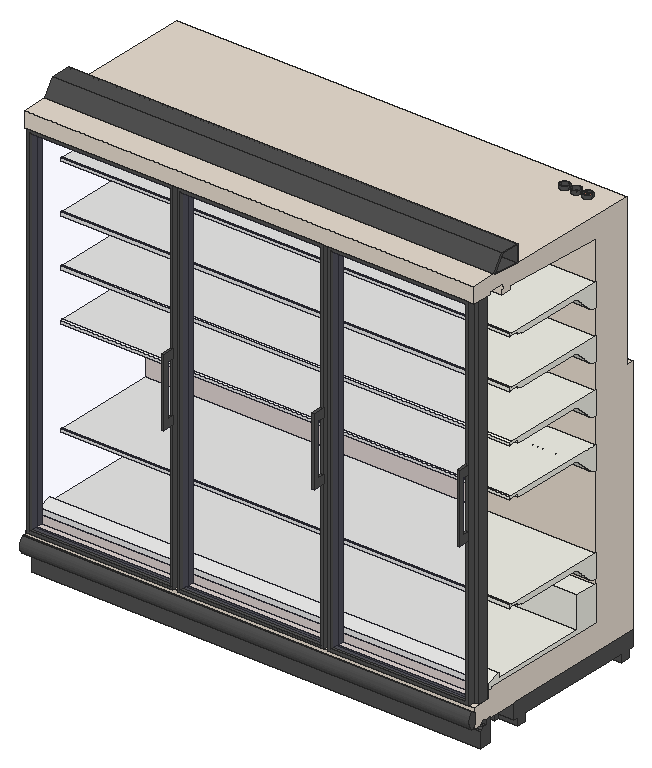
Revit family
Parameters (values of type "RLT-4")
  Voltage - Electric Defrost [instance] = 208 V
  Voltage [instance] = 120 V
  URL = "www.hussmann.com"
  Temp Sensor = "Temp Sensor"
  System Control [instance] = "0.10A"
  Standard Right End Cap On/Off [instance] = no
  Standard Left End Cap On/Off [instance] = no
  Revit Family Dates = "12/18/13(08/13)PMA"
  Refrig. Suction [instance] = "Suction"
  Refrig. Liquid = "Liquid"
  Ref. Sys. Control [instance] = 0.1 A
  R.I. RH Doors YES/NO [instance] = no
  R.I. LH Doors YES/NO [instance] = yes
  R.I. - RH Door Swing YES/NO [instance] = no
  R.I. - LH Door Swing YES/NO [instance] = yes
  Phase [instance] = 1
  Model = "RLT-3"
  Manufacturer = "HUSSMANN CORP"
  Glass [instance] = Glass
  Frequency [instance] = 60 Hz
  Elect. Defrost Amps [instance] = "11.50A"
  Elect. Def.-2 Yes/No [instance] = no
  Elect. Def. Yes/No [instance] = yes
  Elect. Def. Amps [instance] = 11.5 A
  EMS (Controller)-2 YES/NO [instance] = no
  EMS (Controller) YES/NO [instance] = yes
  Drain Heaters [instance] = 2.6 A
  Description = "3-Door Reach-in Low Temp Case"
  Copper-Suction [instance] = Copper
  Copper-Liquid [instance] = Copper
  Controls-2 YES/NO [instance] = no
  Controls Yes/No [instance] = yes
  Controller (EMS) [instance] = 0.1 A
  Condensate Drain Connection [instance] = "1 1/4\" Dia"
  Color - Toe Kick [instance] = Shadow Black
  Color - Shelves [instance] = Interior White
  Color - Light [instance] = Light
  Color - Legs [instance] = Shadow Black
  Color - Interior [instance] = Interior White
  Color - Bumper Rail [instance] = Shadow Black
  Color - Body [instance] = Mystic Gray
  Color [instance] = Shadow Black
  Case Lights-2 YES/NO [instance] = no
  Case Lights YES/NO [instance] = yes
  Case Lights Amps [instance] = "0.54A"
  Case Lights [instance] = 0.54 A
  Case KG Sup Htrs. [instance] = "3.80A"
  Case KG Sup Htrs-2 YES/NO [instance] = no
  Case KG Sup Htrs YES/NO [instance] = yes
  Case KG Sup Htrs [instance] = 3.8 A
  Case Fans-MCA [instance] = 7.2 A
  Case Fans-2 YES/NO [instance] = no
  Case Fans YES/NO [instance] = yes
  Case Fans (MCA) [instance] = "7.20A"
  Case Drain Htrs-2 YES/NO [instance] = no
  Case Drain Htrs YES/NO [instance] = yes
  Case Drain Htrs [instance] = "2.60A"
  5-Shelves On/Off [instance] = yes
  4-Shelves On/Off [instance] = no
  3-Shelves On/Off [instance] = no
  2-Shelves On/Off [instance] = no
  1-Shelves On/Off [instance] = no
Reference planes (in)
  plane 1 "Center (Front/Back)": y = 0
  plane 2: z = 0
  plane 3 "Center (Left/Right)": x = 0
  plane 4: x = 62
  plane 5: y = -42.125
  plane 6: z = 4.75
  plane 7: x = 31
  plane 8: x = 30.5
  plane 9: x = 31.5
  plane 10: x = 0.5
  plane 11: x = 61.5
  plane 12: z = 82.75017
  plane 13: z = 8.25017
  plane 14: x = 30
  plane 15: x = 32
  plane 16: x = 1
  plane 17: x = 61
  plane 18: z = 8.75017
  plane 19: z = 82.25017
  plane 20: y = -40.875
  plane 21: y = -39
  plane 22: y = -43.16337
  plane 23: z = 89.00011
  plane 24: z = 86.00442
  plane 25: x = 92.5
  plane 26: x = 91.87738
  plane 27: x = 91.37738
  plane 28: x = 90.87738
  plane 29: x = -92.5
  plane 30: x = 92.5
  plane 31: x = 46.25
Forms (in)
  Extrusion 1, solid, material "Mystic Gray" <- "Color - Body"
    sketch origin (0, 0, 0) x (0, 1, 0) y (0, 0, 1)
      loop
        line (-40.6, 8.25017) -> (-40.6, 4.265) -> (-39.3376, 4.265) -> (-38.7126, 5.34753) -> (-37.67764, 4.75) -> (0, 4.75) -> (0, 54.406) -> (-1.626, 54.406) -> (-1.626, 85.375) -> (-29.626, 85.375) -> (-35.7178, 86.00442) -> (-40.87784, 86.00442) -> (-40.87784, 82.75442) -> (-36.90797, 82.75442) -> (-36.90797, 83.34417) -> (-33.56579, 83.34417) -> (-33.65569, 81.38621) -> (-31.65779, 81.29448) -> (-31.6237, 82.03699) -> (-9.64685, 81.02795) -> (-9.64685, 10.27795) -> (-36.64685, 10.27795) -> (-36.64685, 9.94983) -> (-36.98797, 9.94983) -> (-36.98797, 8.25017) -> (-40.6, 8.25017)
    from 0 to 92.5
  Extrusion 2, solid, material "Shadow Black" <- "Color - Legs"
    sketch origin (0, 0, 0) x (1, 0, 0) y (0, 1, 0)
      loop
        line (4, -36.707) -> (10, -36.707) -> (10, -35.86) -> (9, -35.86) -> (9, -30.528) -> (10, -30.528) -> (10, -29.778) -> (4, -29.778) -> (4, -30.528) -> (5, -30.528) -> (5, -35.86) -> (4, -35.86) -> (4, -36.707)
      loop
        line (82.4375, -36.707) -> (88.4375, -36.707) -> (88.4375, -35.86) -> (87.4375, -35.86) -> (87.4375, -30.528) -> (88.4375, -30.528) -> (88.4375, -29.778) -> (82.4375, -29.778) -> (82.4375, -30.528) -> (83.4375, -30.528) -> (83.4375, -35.86) -> (82.4375, -35.86) -> (82.4375, -36.707)
      loop
        line (43.25, -36.707) -> (49.25, -36.707) -> (49.25, -35.86) -> (48.25, -35.86) -> (48.25, -30.528) -> (49.25, -30.528) -> (49.25, -29.778) -> (43.25, -29.778) -> (43.25, -30.528) -> (44.25, -30.528) -> (44.25, -35.86) -> (43.25, -35.86) -> (43.25, -36.707)
    from 0 to 4.639
  Extrusion 3, solid, material "Shadow Black" <- "Color - Toe Kick"
    sketch origin (0, 0, 0) x (0, 1, 0) y (0, 0, 1)
      loop
        line (-37.67764, 4.75) -> (-37.471, 3.6869) -> (-38.14784, 3.6869) -> (-38.22804, 3.548) -> (-38.79179, 3.34281) -> (-39, 3.02219) -> (-39, 0) -> (-36.707, 0) -> (-36.707, 4.75) -> (-37.67764, 4.75)
    from 0 to 92.5
  Extrusion 4, solid, material "Shadow Black" <- "Color - Legs"
    sketch origin (0, 0, 0) x (0, 1, 0) y (0, 0, 1)
      loop
        line (-30.75, 4.75) -> (-30.75, 1.556) -> (-29.691, 1.556) -> (-29.691, 0) -> (-27.799, 0) -> (-27.799, 1.556) -> (-2.895, 1.556) -> (-2.895, 0) -> (-1.003, 0) -> (-1.003, 1.556) -> (0, 1.556) -> (0, 4.75) -> (-30.75, 4.75)
    from 0 to 92.5
  Extrusion 5, solid, material "Interior White" <- "Color - Interior"
    sketch origin (0, 0, 0) x (0, 1, 0) y (0, 0, 1)
      loop
        line (-9.64685, 10.27795) -> (-9.64685, 17.37517) -> (-14.2885, 17.37517) -> (-14.2885, 10.94933) -> (-34.45597, 10.94933) -> (-34.45597, 11.95641) -> (-37.00724, 10.94933) -> (-37.00724, 9.94933) -> (-36.6378, 9.94933) -> (-36.6378, 10.27795) -> (-9.64685, 10.27795)
    from 0 to 92.5
  Extrusion 6, solid, material "Interior White" <- "Color - Shelves", visible <- "5-Shelves On/Off"
    sketch origin (0, 0, 0) x (0, 1, 0) y (0, 0, 1)
      loop
        line (-9.64685, 23.17405) -> (-31.4298, 23.17405) -> (-31.4298, 23.3192) -> (-31.6635, 23.21022) -> (-31.6635, 22.58599) -> (-31.29125, 22.8665) -> (-31.11141, 22.74057) -> (-29.50986, 22.74057) -> (-29.50986, 22.24057) -> (-28.63922, 22.21017) -> (-28.63922, 22.11574) -> (-14.76647, 22.11574) -> (-10.99391, 18.8565) -> (-10.00662, 18.37496) -> (-9.64685, 18.37496) -> (-9.64685, 23.17405)
      loop
        line (-9.64685, 43.17405) -> (-31.4298, 43.17405) -> (-31.4298, 43.3192) -> (-31.6635, 43.21022) -> (-31.6635, 42.58599) -> (-31.29125, 42.8665) -> (-31.11141, 42.74057) -> (-29.50986, 42.74057) -> (-29.50986, 42.24057) -> (-28.63922, 42.21017) -> (-28.63922, 42.11574) -> (-14.76647, 42.11574) -> (-10.99391, 38.8565) -> (-10.00662, 38.37496) -> (-9.64685, 38.37496) -> (-9.64685, 43.17405)
      loop
        line (-9.64685, 53.17405) -> (-31.4298, 53.17405) -> (-31.4298, 53.3192) -> (-31.6635, 53.21022) -> (-31.6635, 52.58599) -> (-31.29125, 52.8665) -> (-31.11141, 52.74057) -> (-29.50986, 52.74057) -> (-29.50986, 52.24057) -> (-28.63922, 52.21017) -> (-28.63922, 52.11574) -> (-14.76647, 52.11574) -> (-10.99391, 48.8565) -> (-10.00662, 48.37496) -> (-9.64685, 48.37496) -> (-9.64685, 53.17405)
      loop
        line (-9.64685, 63.17405) -> (-31.4298, 63.17405) -> (-31.4298, 63.3192) -> (-31.6635, 63.21022) -> (-31.6635, 62.58599) -> (-31.29125, 62.8665) -> (-31.11141, 62.74057) -> (-29.50986, 62.74057) -> (-29.50986, 62.24057) -> (-28.63922, 62.21017) -> (-28.63922, 62.11574) -> (-14.76647, 62.11574) -> (-10.99391, 58.8565) -> (-10.00662, 58.37496) -> (-9.64685, 58.37496) -> (-9.64685, 63.17405)
      loop
        line (-9.64685, 73.17405) -> (-31.4298, 73.17405) -> (-31.4298, 73.3192) -> (-31.6635, 73.21022) -> (-31.6635, 72.58599) -> (-31.29125, 72.8665) -> (-31.11141, 72.74057) -> (-29.50986, 72.74057) -> (-29.50986, 72.24057) -> (-28.63922, 72.21017) -> (-28.63922, 72.11574) -> (-14.76647, 72.11574) -> (-10.99391, 68.8565) -> (-10.00662, 68.37496) -> (-9.64685, 68.37496) -> (-9.64685, 73.17405)
    from 0 to 92.5
  Extrusion 7, solid, material "Shadow Black" <- "Color - Bumper Rail"
    sketch origin (0, 0, 0) x (0, 1, 0) y (0, 0, 1)
      loop
        line (-40.6, 7.23837) -> (-41.07283, 7.7112) -> (-41.39244, 7.7112)
        arc (-41.39244, 7.7112) -> (-42.13964, 6.12628) -> (-41.39244, 4.54135) r 2.05454
        line (-41.39244, 4.54135) -> (-41.07408, 4.54135) -> (-40.6, 5.01543) -> (-40.6, 7.23837)
    from 0 to 92.5
  Extrusion 8, solid, material "Shadow Black" <- "Color"
    sketch origin (0, 0, 0) x (0, 1, 0) y (0, 0, 1)
      loop
        line (-38.8929, 82.75442) -> (-38.8929, 8.25017) -> (-36.98797, 8.25017) -> (-36.98797, 82.75442) -> (-38.8929, 82.75442)
    from 0 to 0.5
  Extrusion 9, solid, material "Shadow Black" <- "Color"
    sketch origin (30.5, -0.09507, 0) x (0, 1, 0) y (0, 0, 1)
      loop
        line (-38.8929, 82.75442) -> (-38.8929, 8.25017) -> (-36.98797, 8.25017) -> (-36.98797, 82.75442) -> (-38.8929, 82.75442)
    from 0 to 1
  Extrusion 10, solid, material "Shadow Black" <- "Color"
    sketch origin (0, 0, 0) x (1, 0, 0) y (0, 0, 1)
      loop
        line (0.5, 8.25017) -> (30.5, 8.25017) -> (30.5, 82.75442) -> (0.5, 82.75442) -> (0.5, 8.25017)
      loop
        line (1, 8.75017) -> (30, 8.75017) -> (30, 82.25017) -> (1, 82.25017) -> (1, 8.75017)
    from 39 to 40.87784
  Extrusion 11, solid, material "Glass"
    sketch origin (0, 0, 0) x (1, 0, 0) y (0, 0, 1)
      loop
        line (1, 8.75017) -> (30, 8.75017) -> (30, 82.25017) -> (1, 82.25017) -> (1, 8.75017)
    from 39.65088 to 40.28076
  Extrusion 12, solid, material "Shadow Black" <- "Color"
    sketch origin (31, 0, 0) x (1, 0, 0) y (0, 0, 1)
      loop
        line (0.5, 8.25017) -> (30.5, 8.25017) -> (30.5, 82.75442) -> (0.5, 82.75442) -> (0.5, 8.25017)
      loop
        line (1, 8.75017) -> (30, 8.75017) -> (30, 82.25017) -> (1, 82.25017) -> (1, 8.75017)
    from 39 to 40.87784
  Extrusion 13, solid, material "Glass" <- "Glass"
    sketch origin (31, 0, 0) x (1, 0, 0) y (0, 0, 1)
      loop
        line (1, 8.75017) -> (30, 8.75017) -> (30, 82.25017) -> (1, 82.25017) -> (1, 8.75017)
    from 39.65088 to 40.28076
  Extrusion 14, solid, material "Shadow Black" <- "Color", visible <- "R.I. LH Doors YES/NO"
    sketch origin (0, 0, 0) x (0, 1, 0) y (0, 0, 1)
      loop
        line (-40.875, 52.65143) -> (-43.16337, 52.65143) -> (-43.16337, 38.65143) -> (-40.87784, 38.65143) -> (-40.87784, 40.40143) -> (-42.26191, 40.40143) -> (-42.26191, 50.90143) -> (-40.875, 50.90143) -> (-40.875, 52.65143)
    from 30 to 30.5
  Extrusion 15, solid
    sketch origin (38.5, 0, 0) x (1, 0, 0) y (0, 1, 0)
      loop
        circle (38.125, -34.62535) r 0.625
      loop
        circle (38.125, -34.62535) r 0.5578
    from 3.875 to 4.75
  Extrusion 16, solid, material "Shadow Black" <- "Color"
    sketch origin (30.5, 0, 0) x (1, 0, 0) y (0, 1, 0)
      loop
        circle (57.125, -5.5) r 0.9375
      loop
        circle (57.125, -5.5) r 0.84894
    from 85.375 to 86.00442
  Extrusion 17, solid, material "Shadow Black" <- "Color"
    sketch origin (28.125, 0, 0) x (1, 0, 0) y (0, 1, 0)
      loop
        circle (57.125, -5.5) r 0.9375
      loop
        circle (57.125, -5.5) r 0.84894
    from 85.375 to 86.00442
  Extrusion 18, solid, material "Shadow Black" <- "Color"
    sketch origin (25.75, 0, 0) x (1, 0, 0) y (0, 1, 0)
      loop
        circle (57.125, -5.5) r 0.9375
      loop
        circle (57.125, -5.5) r 0.84894
    from 85.36717 to 86
  Extrusion 19, solid, material "Shadow Black" <- "Color", visible <- "R.I. LH Doors YES/NO"
    sketch origin (60.875, 0.03553, 0) x (0, 1, 0) y (0, 0, 1)
      loop
        line (-40.875, 52.65143) -> (-43.16337, 52.65143) -> (-43.16337, 38.65143) -> (-40.87784, 38.65143) -> (-40.87784, 40.40143) -> (-42.26191, 40.40143) -> (-42.26191, 50.90143) -> (-40.875, 50.90143) -> (-40.875, 52.65143)
    from 30 to 30.5
  Extrusion 20, solid, material "Shadow Black" <- "Color"
    sketch origin (61.5, -0.09507, 0) x (0, 1, 0) y (0, 0, 1)
      loop
        line (-38.8929, 82.75442) -> (-38.8929, 8.25017) -> (-36.98797, 8.25017) -> (-36.98797, 82.75442) -> (-38.8929, 82.75442)
    from 0 to 1
  Extrusion 21, solid, material "Shadow Black" <- "Color"
    sketch origin (62, 0, 0) x (1, 0, 0) y (0, 0, 1)
      loop
        line (0.5, 8.25017) -> (29.37738, 8.25017) -> (29.37738, 82.75442) -> (0.5, 82.75442) -> (0.5, 8.25017)
      loop
        line (1, 8.75017) -> (28.87738, 8.75017) -> (28.87738, 82.25017) -> (1, 82.25017) -> (1, 8.75017)
    from 39 to 40.87784
  Extrusion 22, solid, material "Glass" <- "Glass"
    sketch origin (62, 0, 0) x (1, 0, 0) y (0, 0, 1)
      loop
        line (1, 8.75017) -> (28.87738, 8.75017) -> (28.87738, 82.25017) -> (1, 82.25017) -> (1, 8.75017)
    from 39.65088 to 40.28076
  Extrusion 23, solid, material "Shadow Black" <- "Color", visible <- "R.I. LH Doors YES/NO"
    sketch origin (31, 0.03553, 0) x (0, 1, 0) y (0, 0, 1)
      loop
        line (-40.875, 52.65143) -> (-43.16337, 52.65143) -> (-43.16337, 38.65143) -> (-40.87784, 38.65143) -> (-40.87784, 40.40143) -> (-42.26191, 40.40143) -> (-42.26191, 50.90143) -> (-40.875, 50.90143) -> (-40.875, 52.65143)
    from 30 to 30.5
  Extrusion 24, solid, material "Shadow Black" <- "Color"
    sketch origin (91.37738, -0.4949, 0) x (0, 1, 0) y (0, 0, 1)
      loop
        line (-38.8929, 82.75442) -> (-38.8929, 8.25017) -> (-36.98797, 8.25017) -> (-36.98797, 82.75442) -> (-38.8929, 82.75442)
    from 0 to 1
  Extrusion 25, solid, material "Shadow Black" <- "Color"
    sketch origin (0, 0, 0) x (0, 1, 0) y (0, 0, 1)
      loop
        line (-29.626, 85.375) -> (-29.626, 89.00011) -> (-33.6202, 89.00011) -> (-35.7178, 86.00442) -> (-29.626, 85.375)
      loop
        line (-29.70065, 85.4864) -> (-29.70065, 88.91944) -> (-33.56683, 88.91944) -> (-35.54766, 86.09053) -> (-29.70065, 85.4864)
    from 0 to 92.5
  Extrusion 26, solid, material "Shadow Black" <- "Color", visible <- "R.I. RH Doors YES/NO"
    sketch origin (31, 0, 0) x (0, 1, 0) y (0, 0, -1)
      loop
        line (-40.875, -52.65143) -> (-40.875, -50.90143) -> (-42.26191, -50.90143) -> (-42.26191, -40.40143) -> (-40.87784, -40.40143) -> (-40.87784, -38.65143) -> (-43.16337, -38.65143) -> (-43.16337, -52.65143) -> (-40.875, -52.65143)
    from 30 to 30.5
  Extrusion 27, solid, material "Shadow Black" <- "Color", visible <- "R.I. RH Doors YES/NO"
    sketch origin (62, 0, 0) x (0, 1, 0) y (0, 0, -1)
      loop
        line (-40.875, -52.65143) -> (-40.875, -50.90143) -> (-42.26191, -50.90143) -> (-42.26191, -40.40143) -> (-40.87784, -40.40143) -> (-40.87784, -38.65143) -> (-43.16337, -38.65143) -> (-43.16337, -52.65143) -> (-40.875, -52.65143)
    from 30 to 30.5
  Extrusion 28, solid, material "Shadow Black" <- "Color", visible <- "R.I. RH Doors YES/NO"
    sketch origin (93, 0, 0) x (0, 1, 0) y (0, 0, -1)
      loop
        line (-40.875, -52.65143) -> (-40.875, -50.90143) -> (-42.26191, -50.90143) -> (-42.26191, -40.40143) -> (-40.87784, -40.40143) -> (-40.87784, -38.65143) -> (-43.16337, -38.65143) -> (-43.16337, -52.65143) -> (-40.875, -52.65143)
    from 30 to 30.5
  Extrusion 29, solid
    sketch origin (7.25, -1.75, 0) x (1, 0, 0) y (0, 1, 0)
      loop
        circle (2.75, -30.16725) r 0.5
      loop
        circle (2.75, -30.16725) r 0.47014
      loop
        circle (4, -30.16725) r 0.5
      loop
        circle (4, -30.16725) r 0.47014
      loop
        circle (5.25, -30.16725) r 0.5
      loop
        circle (5.25, -30.16725) r 0.47014
      loop
        circle (6.5, -30.16725) r 0.5
      loop
        circle (6.5, -30.16725) r 0.47014
      loop
        circle (7.75, -30.16725) r 0.5
      loop
        circle (7.75, -30.16725) r 0.47014
      loop
        circle (2.75, -29.04125) r 0.5
      loop
        circle (2.75, -29.04125) r 0.47014
      loop
        circle (4, -29.04125) r 0.5
      loop
        circle (4, -29.04125) r 0.47014
    from 85.375 to 86.33078
  Extrusion 30, solid
    sketch origin (85.25238, -1.75, 0) x (-1, 0, 0) y (0, -1, 0)
      loop
        circle (2.75, 30.16725) r 0.5
      loop
        circle (2.75, 30.16725) r 0.47014
      loop
        circle (4, 30.16725) r 0.5
      loop
        circle (4, 30.16725) r 0.47014
      loop
        circle (5.25, 30.16725) r 0.5
      loop
        circle (5.25, 30.16725) r 0.47014
      loop
        circle (6.5, 30.16725) r 0.5
      loop
        circle (6.5, 30.16725) r 0.47014
      loop
        circle (7.75, 30.16725) r 0.5
      loop
        circle (7.75, 30.16725) r 0.47014
      loop
        circle (2.75, 29.04125) r 0.5
      loop
        circle (2.75, 29.04125) r 0.47014
      loop
        circle (4, 29.04125) r 0.5
      loop
        circle (4, 29.04125) r 0.47014
    from 85.375 to 86.33078
  Extrusion 31, solid, material "Copper" <- "Copper-Suction"
    sketch origin (30.49277, 0, 0) x (1, 0, 0) y (0, 1, 0)
      loop
        circle (57.42378, -5.50951) r 0.3125
      loop
        circle (57.42378, -5.50951) r 0.28333
    from 85.375 to 86.00442
  Extrusion 32, solid, material "Copper" <- "Copper-Liquid"
    sketch origin (30.49277, 0, 0) x (1, 0, 0) y (0, 1, 0)
      loop
        circle (56.67874, -5.50951) r 0.1875
      loop
        circle (56.67874, -5.50951) r 0.17549
    from 85.375 to 86.00442
  Extrusion 33, solid, material "Interior White" <- "Color - Shelves", visible <- "1-Shelves On/Off"
    sketch origin (0, 0, 0) x (0, 1, 0) y (0, 0, 1)
      loop
        line (-9.64685, 43.17405) -> (-31.4298, 43.17405) -> (-31.4298, 43.3192) -> (-31.6635, 43.21022) -> (-31.6635, 42.58599) -> (-31.29125, 42.8665) -> (-31.11141, 42.74057) -> (-29.50986, 42.74057) -> (-29.50986, 42.24057) -> (-28.63922, 42.21017) -> (-28.63922, 42.11574) -> (-14.76647, 42.11574) -> (-10.99391, 38.8565) -> (-10.00662, 38.37496) -> (-9.64685, 38.37496) -> (-9.64685, 43.17405)
    from 0 to 92.5
  Extrusion 34, solid, material "Interior White" <- "Color - Shelves", visible <- "2-Shelves On/Off"
    sketch origin (0, 0, 0) x (0, 1, 0) y (0, 0, 1)
      loop
        line (-9.64685, 43.17405) -> (-31.4298, 43.17405) -> (-31.4298, 43.3192) -> (-31.6635, 43.21022) -> (-31.6635, 42.58599) -> (-31.29125, 42.8665) -> (-31.11141, 42.74057) -> (-29.50986, 42.74057) -> (-29.50986, 42.24057) -> (-28.63922, 42.21017) -> (-28.63922, 42.11574) -> (-14.76647, 42.11574) -> (-10.99391, 38.8565) -> (-10.00662, 38.37496) -> (-9.64685, 38.37496) -> (-9.64685, 43.17405)
      loop
        line (-9.64685, 63.17405) -> (-31.4298, 63.17405) -> (-31.4298, 63.3192) -> (-31.6635, 63.21022) -> (-31.6635, 62.58599) -> (-31.29125, 62.8665) -> (-31.11141, 62.74057) -> (-29.50986, 62.74057) -> (-29.50986, 62.24057) -> (-28.63922, 62.21017) -> (-28.63922, 62.11574) -> (-14.76647, 62.11574) -> (-10.99391, 58.8565) -> (-10.00662, 58.37496) -> (-9.64685, 58.37496) -> (-9.64685, 63.17405)
    from 0 to 92.5
  Extrusion 35, solid, material "Interior White" <- "Color - Shelves", visible <- "3-Shelves On/Off"
    sketch origin (0, 0, 0) x (0, 1, 0) y (0, 0, 1)
      loop
        line (-9.64685, 43.17405) -> (-31.4298, 43.17405) -> (-31.4298, 43.3192) -> (-31.6635, 43.21022) -> (-31.6635, 42.58599) -> (-31.29125, 42.8665) -> (-31.11141, 42.74057) -> (-29.50986, 42.74057) -> (-29.50986, 42.24057) -> (-28.63922, 42.21017) -> (-28.63922, 42.11574) -> (-14.76647, 42.11574) -> (-10.99391, 38.8565) -> (-10.00662, 38.37496) -> (-9.64685, 38.37496) -> (-9.64685, 43.17405)
      loop
        line (-9.64685, 53.17405) -> (-31.4298, 53.17405) -> (-31.4298, 53.3192) -> (-31.6635, 53.21022) -> (-31.6635, 52.58599) -> (-31.29125, 52.8665) -> (-31.11141, 52.74057) -> (-29.50986, 52.74057) -> (-29.50986, 52.24057) -> (-28.63922, 52.21017) -> (-28.63922, 52.11574) -> (-14.76647, 52.11574) -> (-10.99391, 48.8565) -> (-10.00662, 48.37496) -> (-9.64685, 48.37496) -> (-9.64685, 53.17405)
      loop
        line (-9.64685, 63.17405) -> (-31.4298, 63.17405) -> (-31.4298, 63.3192) -> (-31.6635, 63.21022) -> (-31.6635, 62.58599) -> (-31.29125, 62.8665) -> (-31.11141, 62.74057) -> (-29.50986, 62.74057) -> (-29.50986, 62.24057) -> (-28.63922, 62.21017) -> (-28.63922, 62.11574) -> (-14.76647, 62.11574) -> (-10.99391, 58.8565) -> (-10.00662, 58.37496) -> (-9.64685, 58.37496) -> (-9.64685, 63.17405)
    from 0 to 92.5
  Extrusion 36, solid, material "Interior White" <- "Color - Shelves", visible <- "4-Shelves On/Off"
    sketch origin (0, 0, 0) x (0, 1, 0) y (0, 0, 1)
      loop
        line (-9.64685, 43.17405) -> (-31.4298, 43.17405) -> (-31.4298, 43.3192) -> (-31.6635, 43.21022) -> (-31.6635, 42.58599) -> (-31.29125, 42.8665) -> (-31.11141, 42.74057) -> (-29.50986, 42.74057) -> (-29.50986, 42.24057) -> (-28.63922, 42.21017) -> (-28.63922, 42.11574) -> (-14.76647, 42.11574) -> (-10.99391, 38.8565) -> (-10.00662, 38.37496) -> (-9.64685, 38.37496) -> (-9.64685, 43.17405)
      loop
        line (-9.64685, 53.17405) -> (-31.4298, 53.17405) -> (-31.4298, 53.3192) -> (-31.6635, 53.21022) -> (-31.6635, 52.58599) -> (-31.29125, 52.8665) -> (-31.11141, 52.74057) -> (-29.50986, 52.74057) -> (-29.50986, 52.24057) -> (-28.63922, 52.21017) -> (-28.63922, 52.11574) -> (-14.76647, 52.11574) -> (-10.99391, 48.8565) -> (-10.00662, 48.37496) -> (-9.64685, 48.37496) -> (-9.64685, 53.17405)
      loop
        line (-9.64685, 63.17405) -> (-31.4298, 63.17405) -> (-31.4298, 63.3192) -> (-31.6635, 63.21022) -> (-31.6635, 62.58599) -> (-31.29125, 62.8665) -> (-31.11141, 62.74057) -> (-29.50986, 62.74057) -> (-29.50986, 62.24057) -> (-28.63922, 62.21017) -> (-28.63922, 62.11574) -> (-14.76647, 62.11574) -> (-10.99391, 58.8565) -> (-10.00662, 58.37496) -> (-9.64685, 58.37496) -> (-9.64685, 63.17405)
      loop
        line (-9.64685, 73.17405) -> (-31.4298, 73.17405) -> (-31.4298, 73.3192) -> (-31.6635, 73.21022) -> (-31.6635, 72.58599) -> (-31.29125, 72.8665) -> (-31.11141, 72.74057) -> (-29.50986, 72.74057) -> (-29.50986, 72.24057) -> (-28.63922, 72.21017) -> (-28.63922, 72.11574) -> (-14.76647, 72.11574) -> (-10.99391, 68.8565) -> (-10.00662, 68.37496) -> (-9.64685, 68.37496) -> (-9.64685, 73.17405)
    from 0 to 92.5
Lines and regions (in)
  symbolic lines
    curve 1: line (0, -42.13964, 0) -> (92.5, -42.13964, 0)
    curve 2: line (0, 0, 0) -> (0, -42.13964, 0)
    curve 3: line (92.5, 0, 0) -> (0, 0, 0)
    curve 4: line (92.5, -42.13964, 0) -> (92.5, 0, 0)
  symbolic lines, visible <- "R.I. - LH Door Swing YES/NO"
    curve 5: line (32, -42.13964, 0) -> (32, -72.13964, 0)
    curve 6: arc (32, -72.13964, 0) -> (53.2132, -63.35284, 0) -> (62, -42.13964, 0) r 30
    curve 7: line (62.5, -42.13964, 0) -> (62.5, -72.13964, 0)
    curve 8: arc (62.5, -72.13964, 0) -> (83.7132, -63.35284, 0) -> (92.5, -42.13964, 0) r 30
    curve 9: line (1, -42.13964, 0) -> (1, -72.13964, 0)
    curve 10: arc (1, -72.13964, 0) -> (22.2132, -63.35284, 0) -> (31, -42.13964, 0) r 30
  symbolic lines, visible <- "R.I. - RH Door Swing YES/NO"
    curve 11: line (61, -42.13964, 0) -> (61, -72.13964, 0)
    curve 12: arc (61, -72.13964, 0) -> (39.7868, -63.35284, 0) -> (31, -42.13964, 0) r 30
    curve 13: line (92, -42.13964, 0) -> (92, -72.13964, 0)
    curve 14: arc (92, -72.13964, 0) -> (70.7868, -63.35284, 0) -> (62, -42.13964, 0) r 30
    curve 15: line (30, -42.13964, 0) -> (30, -72.13964, 0)
    curve 16: arc (30, -72.13964, 0) -> (8.7868, -63.35284, 0) -> (0, -42.13964, 0) r 30
Dimensions and locks (in)
  plane 20 to plane 1 "Center (Front/Back)" = 3' - 4 7/8"
  plane 21 to plane 1 "Center (Front/Back)" = 3' - 3"
  plane 5 to plane 1 "Center (Front/Back)" = 3' - 6 1/8"  (x2)
  plane 24 to level = 7' - 2.00442"
  plane 23 to level = 7' - 5.00011"
  plane 3 "Center (Left/Right)" to plane 25 = 7' - 8 1/2"
  aligned and locked: Extrusion 8 sketch curve to Extrusion 1  (x2)
  aligned and locked: plane 9 to Extrusion 9
  aligned and locked: Extrusion 8 to Extrusion 10 sketch curve  (x2)
  aligned and locked: Extrusion 10 sketch curve to Extrusion 9  (x2)
  aligned and locked: plane 16 to Extrusion 10 sketch curve
  aligned and locked: Extrusion 10 sketch curve to plane 18
  aligned and locked: plane 19 to Extrusion 10 sketch curve
  aligned and locked: plane 14 to Extrusion 10 sketch curve
  aligned and locked: Extrusion 1 to Extrusion 10
  aligned and locked: Extrusion 11 sketch curve to Extrusion 10  (x3)
  aligned and locked: Extrusion 10 to Extrusion 11 sketch curve
  aligned and locked: Extrusion 13 sketch curve to Extrusion 12  (x3)
  aligned and locked: Extrusion 12 to Extrusion 13 sketch curve
  aligned and locked: Extrusion 14 to plane 14
  aligned and locked: plane 8 to Extrusion 14
  aligned and locked: Extrusion 1 to Extrusion 6
  aligned and locked: Extrusion 1 to Extrusion 5
  aligned and locked: Extrusion 1 to Extrusion 4
  aligned and locked: Extrusion 1 to Extrusion 3
  aligned and locked: Extrusion 22 sketch curve to Extrusion 21  (x3)
  aligned and locked: Extrusion 21 to Extrusion 22 sketch curve
  aligned and locked: Extrusion 21 to plane 28
  aligned and locked: plane 27 to Extrusion 21
  aligned and locked: Extrusion 1 to Extrusion 25
  aligned and locked: curve 2 to Extrusion 7
  aligned and locked: curve 3 to Extrusion 1
  aligned and locked: curve 4 to Extrusion 1
  aligned and locked: Extrusion 1 to Extrusion 36
  aligned and locked: Extrusion 1 to Extrusion 35
  aligned and locked: Extrusion 1 to Extrusion 34
  aligned and locked: Extrusion 1 to Extrusion 33
  aligned and locked: Extrusion 7 to plane 30
Nested families (in)
  nested 1: "Case Model TXT" at (46.70389, -9.63531, 0), type "Case Model TXT"
  nested 2: "Case Nodes" at (10, -31.91592, 0), type "Case Nodes"
  nested 3: "Case Nodes" at (112.87738, -31.91592, 0) x (-1, 0, 0) z (0, 0, 1), type "Case Nodes"
  nested 4: "Case Nodes" at (87.60515, -5.48329, 0) x (-1, 0, 0) z (0, 0, 1), type "Case Nodes"
  nested 5: "Case Nodes" at (31, -39, 0), type "Case Nodes"
  nested 6: "Case Nodes" at (31, -29, 0), type "Case Nodes"
  nested 7: "Case Nodes" at (31, -33, 0), type "Case Nodes"
  nested 8: "Case Nodes" at (91.87738, -39, 0) x (-1, 0, 0) z (0, 0, 1), type "Case Nodes"
  nested 9: "Case Nodes" at (91.87738, -29, 0) x (-1, 0, 0) z (0, 0, 1), type "Case Nodes"
  nested 10: "Case Nodes" at (91.87738, -33, 0) x (-1, 0, 0) z (0, 0, 1), type "Case Nodes"
  nested 11: "RLT-INNOVATOR_END CAP" at (-1, 0, 0), visible <- "Standard Left End Cap On/Off", type "RLT END CAP"
    with Color - Body Mystic Gray
  nested 12: "RLT-INNOVATOR_END CAP" at (92.5, 0, 0), visible <- "Standard Right End Cap On/Off", type "RLT END CAP"
    with Color - Body Mystic Gray
Connectors (in)
  piping at (76.625, -34.62535, 3.875), driven by "Condensate Drain Connection"
    settings: on Extrusion 15, index 10, connector radius 5/8", flow factor 0, pipe flow 0 GPM, pressure drop 0.00 psi, fitting loss kfactor 0, connector angle 0.00°, fixture units 0, flow configuration 0, flow direction 2, fitting loss method 0, system type 16, connector reference index -1, connector utility 0, adjustable connector no, is connector primary yes, fitting loss table "", connector description "1 1/4\" Dia"
  electrical at (10, -31.91725, 86.33078), driven by "Phase", driven by "Voltage - Electric Defrost", driven by "Elect. Def. Yes/No", driven by "Elect. Defrost Amps"
    settings: on Extrusion 29, index 11, voltage 208 V, apparent load 0 VA, apparent load phase1 0 VA, apparent load phase2 0 VA, apparent load phase3 0 VA, power factor 1, load classification "Power", number of poles 1, system type 30, power factor state 1, is connector primary yes, connector utility yes, sub classification motor no, connector description "11.50A"
  electrical at (11.25, -31.91725, 86.33078), driven by "Phase", driven by "Voltage", driven by "Case Fans (MCA)", driven by "Case Fans YES/NO"
    settings: on Extrusion 29, index 12, voltage 120 V, apparent load 0 VA, apparent load phase1 0 VA, apparent load phase2 0 VA, apparent load phase3 0 VA, power factor 1, load classification "Motor", number of poles 1, system type 30, power factor state 1, is connector primary no, connector utility yes, sub classification motor no, connector description "7.20A"
  electrical at (12.5, -31.91725, 86.33078), driven by "Phase", driven by "Voltage", driven by "Case Lights Amps", driven by "Case Lights YES/NO"
    settings: on Extrusion 29, index 13, voltage 120 V, apparent load 0 VA, apparent load phase1 0 VA, apparent load phase2 0 VA, apparent load phase3 0 VA, power factor 1, load classification "Lighting", number of poles 1, system type 30, power factor state 1, is connector primary no, connector utility yes, sub classification motor no, connector description "0.54A"
  electrical at (13.75, -31.91725, 86.33078), driven by "Phase", driven by "Voltage", driven by "Case Drain Htrs", driven by "Case Drain Htrs YES/NO"
    settings: on Extrusion 29, index 14, voltage 120 V, apparent load 0 VA, apparent load phase1 0 VA, apparent load phase2 0 VA, apparent load phase3 0 VA, power factor 1, load classification "Power", number of poles 1, system type 30, power factor state 1, is connector primary no, connector utility yes, sub classification motor no, connector description "2.60A"
  electrical at (15, -31.91725, 86.33078), driven by "Phase", driven by "Voltage", driven by "Case KG Sup Htrs.", driven by "Case KG Sup Htrs YES/NO"
    settings: on Extrusion 29, index 15, voltage 120 V, apparent load 0 VA, apparent load phase1 0 VA, apparent load phase2 0 VA, apparent load phase3 0 VA, power factor 1, load classification "Power", number of poles 1, system type 30, power factor state 1, is connector primary no, connector utility yes, sub classification motor no, connector description "3.80A"
  electrical at (10, -30.79125, 86.33078), driven by "System Control", driven by "Controls Yes/No"
    settings: on Extrusion 29, index 16, voltage 0 V, apparent load 0 VA, apparent load phase1 0 VA, apparent load phase2 0 VA, apparent load phase3 0 VA, power factor 1, load classification "Other", number of poles 1, system type 13, power factor state 1, is connector primary no, connector utility yes, sub classification motor no, connector description "0.10A"
  electrical at (11.25, -30.79125, 86.33078), driven by "Temp Sensor", driven by "EMS (Controller) YES/NO"
    settings: on Extrusion 29, index 17, voltage 0 V, apparent load 0 VA, apparent load phase1 0 VA, apparent load phase2 0 VA, apparent load phase3 0 VA, power factor 1, load classification "Other", number of poles 1, system type 5, power factor state 1, is connector primary no, connector utility yes, sub classification motor no, connector description "Temp Sensor"
  electrical at (82.50238, -31.91725, 86.33078), driven by "Phase", driven by "Voltage - Electric Defrost", driven by "Elect. Defrost Amps", driven by "Elect. Def.-2 Yes/No"
    settings: on Extrusion 30, index 18, voltage 208 V, apparent load 0 VA, apparent load phase1 0 VA, apparent load phase2 0 VA, apparent load phase3 0 VA, power factor 1, load classification "Power", number of poles 1, system type 30, power factor state 1, is connector primary no, connector utility no, sub classification motor no, connector description "11.50A"
  electrical at (81.25238, -31.91725, 86.33078), driven by "Phase", driven by "Voltage", driven by "Case Fans (MCA)", driven by "Case Fans-2 YES/NO"
    settings: on Extrusion 30, index 19, voltage 120 V, apparent load 0 VA, apparent load phase1 0 VA, apparent load phase2 0 VA, apparent load phase3 0 VA, power factor 1, load classification "Motor", number of poles 1, system type 30, power factor state 1, is connector primary no, connector utility no, sub classification motor no, connector description "7.20A"
  electrical at (80.00238, -31.91725, 86.33078), driven by "Phase", driven by "Voltage", driven by "Case Lights Amps", driven by "Case Lights-2 YES/NO"
    settings: on Extrusion 30, index 20, voltage 120 V, apparent load 0 VA, apparent load phase1 0 VA, apparent load phase2 0 VA, apparent load phase3 0 VA, power factor 1, load classification "Lighting", number of poles 1, system type 30, power factor state 1, is connector primary no, connector utility no, sub classification motor no, connector description "0.54A"
  electrical at (78.75238, -31.91725, 86.33078), driven by "Phase", driven by "Voltage", driven by "Case Drain Htrs", driven by "Case Drain Htrs-2 YES/NO"
    settings: on Extrusion 30, index 21, voltage 120 V, apparent load 0 VA, apparent load phase1 0 VA, apparent load phase2 0 VA, apparent load phase3 0 VA, power factor 1, load classification "Power", number of poles 1, system type 30, power factor state 1, is connector primary no, connector utility no, sub classification motor no, connector description "2.60A"
  electrical at (77.50238, -31.91725, 86.33078), driven by "Phase", driven by "Voltage", driven by "Case KG Sup Htrs.", driven by "Case KG Sup Htrs-2 YES/NO"
    settings: on Extrusion 30, index 22, voltage 120 V, apparent load 0 VA, apparent load phase1 0 VA, apparent load phase2 0 VA, apparent load phase3 0 VA, power factor 1, load classification "Power", number of poles 1, system type 30, power factor state 1, is connector primary no, connector utility no, sub classification motor no, connector description "3.80A"
  electrical at (82.50238, -30.79125, 86.33078), driven by "System Control", driven by "Controls-2 YES/NO"
    settings: on Extrusion 30, index 23, voltage 0 V, apparent load 0 VA, apparent load phase1 0 VA, apparent load phase2 0 VA, apparent load phase3 0 VA, power factor 1, load classification "Other", number of poles 1, system type 13, power factor state 1, is connector primary no, connector utility no, sub classification motor no, connector description "0.10A"
  electrical at (81.25238, -30.79125, 86.33078), driven by "Temp Sensor", driven by "EMS (Controller)-2 YES/NO"
    settings: on Extrusion 30, index 24, voltage 0 V, apparent load 0 VA, apparent load phase1 0 VA, apparent load phase2 0 VA, apparent load phase3 0 VA, power factor 1, load classification "Other", number of poles 1, system type 5, power factor state 1, is connector primary no, connector utility no, sub classification motor no, connector description "Temp Sensor"
  piping at (87.91654, -5.50951, 86.00442), driven by "Refrig. Suction"
    settings: on Extrusion 31, index 25, connector radius 7/16", flow factor 0, pipe flow 0 GPM, pressure drop 0.00 psi, fitting loss kfactor 0, connector angle 0.00°, fixture units 0, flow configuration 0, flow direction 2, fitting loss method 0, system type 22, connector reference index -1, connector utility 0, adjustable connector no, is connector primary no, fitting loss table "", connector description "Suction"
  piping at (87.17151, -5.50951, 86.00442), driven by "Refrig. Liquid"
    settings: on Extrusion 32, index 26, connector radius 3/16", flow factor 0, pipe flow 0 GPM, pressure drop 0.00 psi, fitting loss kfactor 0, connector angle 0.00°, fixture units 0, flow configuration 0, flow direction 1, fitting loss method 0, system type 22, connector reference index -1, connector utility 0, adjustable connector no, is connector primary no, fitting loss table "", connector description "Liquid"
Definition of nested family "RLT-INNOVATOR_END CAP"
  Parameters (values of type "RLT END CAP")
    URL = "www.hussmann.com"
    Model = "RLT End Cap"
    Manufacturer = "Hussmann"
    Color - Body [instance] = Mystic Gray
  Reference planes (in)
    plane 1 "Center (Front/Back)": y = 0
    plane 2: z = 0
    plane 3 "Center (Left/Right)": x = 0
    plane 4: x = 1
  Forms (in)
    Extrusion 1, solid, material "Mystic Gray" <- "Color - Body"
      sketch origin (0, 0, 0) x (0, 1, 0) y (0, 0, 1)
        loop
          line (0, 0) -> (0, 86) -> (-40.875, 86) -> (-40.875, 4.25) -> (-39.10289, 3.00915) -> (-39.10289, 0) -> (0, 0)
      from 0 to 1
  Dimensions and locks (in)
    aligned and locked: plane 4 to Extrusion 1
Definition of nested family "Case Model TXT"
  Parameters (values of type "Case Model TXT")
    Case Model = ""
  Reference planes (in)
    plane 1: y = 0
    plane 2: x = 0
  Text (in)
    label "RI3-10" at (-0.01571, -0.00721, 0), shows "Case Model"
Definition of nested family "Case Nodes"
  Reference planes (in)
    plane 1 "Center (Front/Back)": y = 0
    plane 2: z = 0
    plane 3 "Center (Left/Right)": x = 0
  Lines and regions (in)
    model lines, style "InvisibleLines"
      curve 1: line (2.12132, 2.12132, 0) -> (-2.12132, -2.12132, 0)
      curve 2: line (-2.12132, 2.12132, 0) -> (2.12132, -2.12132, 0)
  Dimensions and locks (in)
    aligned and locked: plane 2 to level
